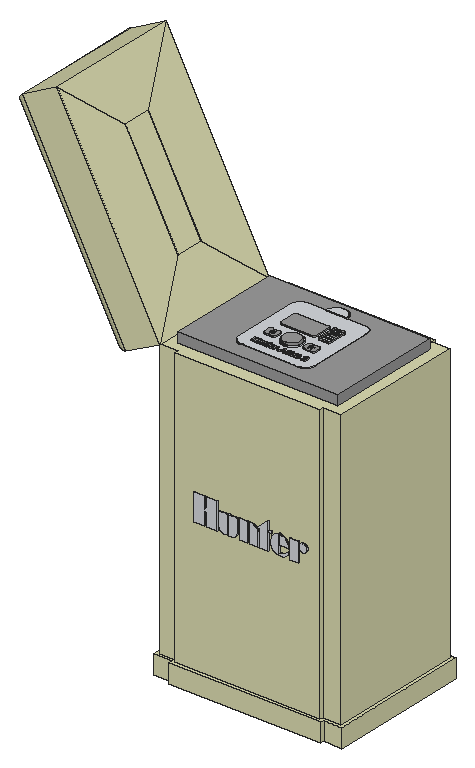
Revit family "HUNTER_A2C-1200 Plastic Pedestal", category Electrical Equipment, Revit 2017
Family settings
  Panel Configuration = One Column
  Round Connector Dimension = Use Diameter
  Part Type = Panelboard
  OmniClass Number = 23.35.25.21
  Work Plane-Based = Yes
  Always vertical = Yes
  Cut with Voids When Loaded = No
  Shared = Yes
  Room Calculation Point = No
Parameters (values of type "A2C-1200-PP")
  Up [instance] = yes
  Type Image = <None>
  Transformer Output = "24VAC, 4.0A"  # constant formula
  Stations = "12 Stations base count expandable to 54 Stations"
  Sensor Input = "3 Clik, 3 Flow (expandable to 6), 1 Solar Sync"  # constant formula
  Pump/Master Valve Contacts = "3, expandable to 6, 0.8A"  # constant formula
  Protection Rating = "IP24"
  Power Factor = 1
  Power = Input Voltage * Current  # 122.4 VA
  Pedestal_Width = 610 mm
  Voltage = ""
  URL = "https://www.hunterindustries.com/irrigation-product/controllers/acc2"
  Type Comments = "Hunter's Flagship Controller"
  Pedestal_Height = 990 mm
  Pedestal_Depth = 430 mm
  Pedestal Material = Hunter® Plastic
  Panel Type = "Modular"
  Panel Name [instance] = "A2C-PP"
  Output Voltage = 24 V
  Number of Sensor Inputs = "3-6 Dedicated Flow Input"
  built-in parameter 1140081 [instance] = "Pedestal"
  Model = "A2C-1200-PP / A2C-1800-PP / A2C-2400-PP / A2C-3000-PP / A2C-3600-PP / A2C-4200-PP / A2C-4800-PP / A2C-5400-PP"
  Manufacturer = "Hunter® Industries"
  Keynote = "328423.04"
  Input Voltage = 120 V
  Expansion Module = "A2M-600 (6 Stations plug-in) Expansion Module , A2C-F3 (3 input flow meter) expansion module"
  built-in parameter 1140083 [instance] = "Hunter® Plastic"
  Down [instance] = no
  Description = "12-Station base unit , Pedestal mounted controller, expandable to 54 stations, with Plastic pedestal"
  Default Elevation = 1219.2 mm
  Decoders = "Expandable Up to 225 with Decoders"
  Current = if(Input Voltage = 120 V, 1.02 A, 0.62 A)  # 1.02 A
  Assembly Code = "D5090900"
Reference planes
  plane 1 "Center (Front/Back)": y = 0
  plane 2: z = 0
  plane 3 "Center (Left/Right)": x = 0
  plane 4: through (-232.937, -1524, 1007.151) normal (-0.8829, 0, -0.4695)
  plane 5: z = 736.593
Forms (mm)
  Sweep 1, solid, material "Hunter® Plastic"
    path origin (0, 0, 0) x (1, 0, 0) y (0, 1, 0)
      loop
        line (130.5, -67) -> (130.5, 67) -> (80.5, 67) -> (80.5, 77) -> (-79.5, 77) -> (-79.5, 67) -> (-129.5, 67) -> (-129.5, -67) -> (-79.5, -67) -> (-79.5, -77) -> (80.5, -77) -> (80.5, -67) -> (130.5, -67)
    profile origin (130.5, 0, 0) x (-1, 0, 0) y (0, 0, 1)
      loop
        line (-5, 0) -> (-5, 827.151) -> (-123.437, 827.151) -> (-123.437, 52.296) -> (-132.54, 52.296) -> (-132.54, 0) -> (-5, 0)
  Extrusion 2, solid
    sketch origin (-191.736, -200.437, 85.088) x (1, 0, 0) y (0, 0, 1)
      loop
        line (44.776, 338.73) -> (74.023, 338.73) -> (74.023, 375.938) -> (80.544, 375.938) -> (80.544, 338.73) -> (109.816, 338.73) -> (109.816, 414.279) -> (80.544, 414.279) -> (80.544, 383.446) -> (74.023, 383.446) -> (74.023, 414.279) -> (44.776, 414.279) -> (44.776, 338.73)
      loop
        arc (115.008, 354.351) -> (120.37, 343.277) -> (131.826, 338.79) r 16.869
        line (131.826, 338.79) -> (138.414, 338.79) -> (138.414, 392.753) -> (115.008, 392.753) -> (115.008, 354.351)
      loop
        arc (150.087, 338.79) -> (161.53, 343.279) -> (166.869, 354.351) r 16.83
        line (166.869, 354.351) -> (166.869, 392.753) -> (143.437, 392.753) -> (143.437, 338.79) -> (150.087, 338.79)
      loop
        line (171.725, 338.798) -> (195.131, 338.798) -> (195.131, 392.956) -> (171.725, 392.956) -> (171.725, 338.798)
      loop
        arc (223.945, 377.003) -> (218.296, 388.229) -> (206.57, 392.753) r 17.459
        line (206.57, 392.753) -> (200.091, 392.753) -> (200.091, 338.79) -> (223.945, 338.79) -> (223.945, 377.003)
      loop
        line (229.427, 338.79) -> (252.092, 338.79) -> (252.092, 386.386) -> (261.45, 386.386) -> (261.45, 392.163) -> (252.092, 392.163) -> (252.092, 414.203) -> (221.119, 386.386) -> (229.427, 386.386) -> (229.427, 338.79)
      loop
        arc (310.801, 365.601) -> (303.11, 383.888) -> (285.751, 393.494) r 30.293
        line (285.751, 393.494) -> (285.751, 365.601) -> (310.801, 365.601)
      loop
        arc (281.903, 393.8) -> (259.807, 366.614) -> (280.701, 338.494) r 28.542
        arc (280.701, 338.494) -> (296.647, 340.511) -> (310.024, 349.423) r 35.111
        line (310.024, 349.423) -> (310.024, 356.56)
        arc (310.024, 356.56) -> (297.034, 348.129) -> (281.902, 344.833) r 43.098
        line (281.902, 344.833) -> (281.903, 393.8)
      loop
        line (314.04, 338.798) -> (337.241, 338.798) -> (337.241, 392.956) -> (314.04, 392.956) -> (314.04, 338.798)
      loop
        circle (350.019, 380.796) r 11.492
    from 0 to 2
  Extrusion 3, solid, material "Hunter® Plastic"
    sketch origin (0, 0, 0) x (1, 0, 0) y (0, 1, 0)
      loop
        line (-134.5, 72) -> (-134.5, -72) -> (135.5, -72) -> (135.5, 72) -> (-134.5, 72)
    from 0 to 827.151
  Sweep 4, solid, material "Hunter® Plastic"
    path origin (-261.018, -1489.546, 1059.962) x (0.469472, 0, -0.882948) y (0, -1, 0)
      loop
        line (210, -1299.063) -> (-405, -1299.063) -> (-405, -1679.963) -> (210, -1679.963) -> (210, -1299.063)
    profile origin (-162.428, -0.034, 874.543) x (0.469472, 0, -0.882948) y (-0.882948, 0, -0.469472)
      loop
        line (-9.532, 101.285) -> (0, 101.245) -> (-0.445, 207.99)
        arc (-0.445, 207.99) -> (-9.788, 230.283) -> (-32.157, 239.439) r 31.581
        arc (-32.157, 239.439) -> (-91.246, 244.306) -> (-150.445, 247.59) r 2216.443
        line (-150.445, 247.59) -> (-150.445, 101.872) -> (-9.532, 101.285)
  Extrusion 5, solid, material "Hunter® Plastic"
    sketch origin (-169.559, -1586.26, 887.953) x (0.469472, 0, -0.882948) y (0, -1, 0)
      loop
        line (-449.368, -1546.221) -> (-449.368, -1626.231) -> (-135.257, -1626.231) -> (-135.257, -1546.221) -> (-449.368, -1546.221)
    from 101.872 to 251.075
  Extrusion 6, void
    sketch origin (0, 0, 0) x (1, 0, 0) y (0, 1, 0)
      loop
        line (-200.024, 180.437) -> (-200.024, -180.437) -> (194.363, -180.437) -> (194.363, 180.437) -> (-200.024, 180.437)
    from 52.296 to 806.887
  Extrusion 7, solid
    sketch origin (0, 0, 0) x (1, 0, 0) y (0, 1, 0)
      loop
        circle (-152, 0) r 12.5
      loop
        circle (-102, 0) r 12.5
      loop
        circle (-52, 0) r 12.5
      loop
        circle (48, 0) r 25
      loop
        circle (148, 0) r 25
    from -30.64 to 52.296
Cuts and joins
  Extrusion 6 cuts Sweep 1
  Extrusion 6 cuts Extrusion 3
Dimensions and locks
  aligned and locked: level to plane 2
  aligned and locked: Extrusion 3 sketch curve to Sweep 1  (x4)
  aligned and locked: Sweep 1 to Extrusion 3
  aligned and locked: plane 1 "Center (Front/Back)" to nested 1
  aligned and locked: plane 3 "Center (Left/Right)" to nested 1
Nested families
  nested 1: "HUNTER_A2C-1200-P" at (0, 0, 736.593), type "A2C-1200-P"
    with built-in parameter 1140081 "Wall", Max #1 Pole Breakers 0
  nested 2: "HUNTER ACC SYMBOL" at (0, 0, 0), visible <- "Up", type "SYMBOL"
  nested 3: "HUNTER ACC SYMBOL" at (0, 90, 0), visible <- "Down", type "SYMBOL"
Connectors
  cabletrayconduit at (-152, 0, -30.64), diameter 25
    settings: on Extrusion 7, index 2, connector width 300 mm, connector height 300 mm, connector angle 0.00°, system type 32, placement type 0, profile type 0, connector reference index -1, is primary connector yes, connector utility param no, connector description ""
  cabletrayconduit at (-102, 0, -30.64), diameter 25
    settings: on Extrusion 7, index 3, connector width 300 mm, connector height 300 mm, connector angle 0.00°, system type 32, placement type 0, profile type 0, connector reference index -1, is primary connector no, connector utility param no, connector description ""
  cabletrayconduit at (-52, 0, -30.64), diameter 25
    settings: on Extrusion 7, index 4, connector width 300 mm, connector height 300 mm, connector angle 0.00°, system type 32, placement type 0, profile type 0, connector reference index -1, is primary connector no, connector utility param no, connector description ""
  cabletrayconduit at (48, 0, -30.64), diameter 50
    settings: on Extrusion 7, index 5, connector width 300 mm, connector height 300 mm, connector angle 0.00°, system type 32, placement type 0, profile type 0, connector reference index -1, is primary connector no, connector utility param no, connector description ""
  cabletrayconduit at (148, 0, -30.64), diameter 50
    settings: on Extrusion 7, index 6, connector width 300 mm, connector height 300 mm, connector angle 0.00°, system type 32, placement type 0, profile type 0, connector reference index -1, is primary connector no, connector utility param no, connector description ""
  electrical at (-152, 0, -30.64), driven by "Output Voltage", driven by "Power", driven by "Power Factor"
    settings: on Extrusion 7, index 7, voltage 24 V, apparent load 122.4 VA, apparent load phase1 0 VA, apparent load phase2 0 VA, apparent load phase3 0 VA, power factor 1, load classification "Power", number of poles 1, system type 30, power factor state 1, is connector primary yes, connector utility no, sub classification motor no, connector description ""
  electrical at (-102, 0, -30.64)
    settings: on Extrusion 7, index 8, voltage 0 V, apparent load 0 VA, apparent load phase1 0 VA, apparent load phase2 0 VA, apparent load phase3 0 VA, power factor 1, load classification "Other", number of poles 1, system type 14, power factor state 1, is connector primary no, connector utility no, sub classification motor no, connector description "Flow1"
  electrical at (-52, 0, -30.64)
    settings: on Extrusion 7, index 9, voltage 0 V, apparent load 0 VA, apparent load phase1 0 VA, apparent load phase2 0 VA, apparent load phase3 0 VA, power factor 1, load classification "Other", number of poles 1, system type 14, power factor state 1, is connector primary no, connector utility no, sub classification motor no, connector description "RC Sensor"
  electrical at (48, 0, -30.64), driven by "Output Voltage"
    settings: on Extrusion 7, index 10, voltage 24 V, apparent load 19.2 VA, apparent load phase1 0 VA, apparent load phase2 0 VA, apparent load phase3 0 VA, power factor 1, load classification "Other", number of poles 1, system type 30, power factor state 1, is connector primary no, connector utility no, sub classification motor no, connector description "P/M1"
  electrical at (148, 0, -30.64), driven by "Output Voltage"
    settings: on Extrusion 7, index 11, voltage 24 V, apparent load 19.2 VA, apparent load phase1 0 VA, apparent load phase2 0 VA, apparent load phase3 0 VA, power factor 1, load classification "Other", number of poles 1, system type 30, power factor state 1, is connector primary no, connector utility no, sub classification motor no, connector description "P/M2"
  electrical at (-102, 0, -30.64)
    settings: on Extrusion 7, index 12, voltage 0 V, apparent load 0 VA, apparent load phase1 0 VA, apparent load phase2 0 VA, apparent load phase3 0 VA, power factor 1, load classification "Other", number of poles 1, system type 14, power factor state 1, is connector primary no, connector utility no, sub classification motor no, connector description "Flow2"
  electrical at (-102, 0, -30.64)
    settings: on Extrusion 7, index 13, voltage 0 V, apparent load 0 VA, apparent load phase1 0 VA, apparent load phase2 0 VA, apparent load phase3 0 VA, power factor 1, load classification "Other", number of poles 1, system type 14, power factor state 1, is connector primary no, connector utility no, sub classification motor no, connector description "Flow3"
  electrical at (148, 0, -30.64), driven by "Output Voltage"
    settings: on Extrusion 7, index 14, voltage 24 V, apparent load 19.2 VA, apparent load phase1 0 VA, apparent load phase2 0 VA, apparent load phase3 0 VA, power factor 1, load classification "Other", number of poles 1, system type 30, power factor state 1, is connector primary no, connector utility no, sub classification motor no, connector description "P/M3"
  electrical at (-102, 0, -30.64)
    settings: on Extrusion 7, index 15, voltage 0 V, apparent load 0 VA, apparent load phase1 0 VA, apparent load phase2 0 VA, apparent load phase3 0 VA, power factor 1, load classification "Other", number of poles 1, system type 14, power factor state 1, is connector primary no, connector utility no, sub classification motor no, connector description "Flow6"
  electrical at (-102, 0, -30.64)
    settings: on Extrusion 7, index 16, voltage 0 V, apparent load 0 VA, apparent load phase1 0 VA, apparent load phase2 0 VA, apparent load phase3 0 VA, power factor 1, load classification "Other", number of poles 1, system type 14, power factor state 1, is connector primary no, connector utility no, sub classification motor no, connector description "Flow5"
  electrical at (-102, 0, -30.64)
    settings: on Extrusion 7, index 17, voltage 0 V, apparent load 0 VA, apparent load phase1 0 VA, apparent load phase2 0 VA, apparent load phase3 0 VA, power factor 1, load classification "Other", number of poles 1, system type 14, power factor state 1, is connector primary no, connector utility no, sub classification motor no, connector description "Flow4"
  electrical at (-52, 0, -30.64)
    settings: on Extrusion 7, index 18, voltage 0 V, apparent load 0 VA, apparent load phase1 0 VA, apparent load phase2 0 VA, apparent load phase3 0 VA, power factor 1, load classification "Other", number of poles 1, system type 14, power factor state 1, is connector primary no, connector utility no, sub classification motor no, connector description "FC Sensor"
  electrical at (-52, 0, -30.64)
    settings: on Extrusion 7, index 19, voltage 0 V, apparent load 0 VA, apparent load phase1 0 VA, apparent load phase2 0 VA, apparent load phase3 0 VA, power factor 1, load classification "Other", number of poles 1, system type 14, power factor state 1, is connector primary no, connector utility no, sub classification motor no, connector description "WC Sensor"
  electrical at (253.937, 0, 439.724)
    settings: on cut or joined group of Sweep 1, Extrusion 6, index 20, voltage 0 V, apparent load 0 VA, apparent load phase1 0 VA, apparent load phase2 0 VA, apparent load phase3 0 VA, power factor 1, load classification "Other", number of poles 1, system type 14, power factor state 1, is connector primary no, connector utility no, sub classification motor no, connector description "Solar Sync"
  electrical at (148, 0, -30.64), driven by "Output Voltage"
    settings: on Extrusion 7, index 22, voltage 24 V, apparent load 19.2 VA, apparent load phase1 0 VA, apparent load phase2 0 VA, apparent load phase3 0 VA, power factor 1, load classification "Other", number of poles 1, system type 30, power factor state 1, is connector primary no, connector utility no, sub classification motor no, connector description "P/M6"
  electrical at (148, 0, -30.64), driven by "Output Voltage"
    settings: on Extrusion 7, index 23, voltage 24 V, apparent load 19.2 VA, apparent load phase1 0 VA, apparent load phase2 0 VA, apparent load phase3 0 VA, power factor 1, load classification "Other", number of poles 1, system type 30, power factor state 1, is connector primary no, connector utility no, sub classification motor no, connector description "P/M5"
  electrical at (148, 0, -30.64), driven by "Output Voltage"
    settings: on Extrusion 7, index 24, voltage 24 V, apparent load 19.2 VA, apparent load phase1 0 VA, apparent load phase2 0 VA, apparent load phase3 0 VA, power factor 1, load classification "Other", number of poles 1, system type 30, power factor state 1, is connector primary no, connector utility no, sub classification motor no, connector description "P/M4"
Definition of nested family "HUNTER_A2C-1200-P"
  Parameters (values of type "A2C-1200-P")
    Width = 412 mm
    Voltage = "120"
    URL = "https://www.hunterindustries.com/irrigation-product/controllers/acc"
    Type Comments = "Hunter's Flagship Controller"
    Output Voltage = 24 V
    Input Voltage = 120 V
    Sensor Inputs = "3 Clik, 3 Flow (expandable to 6), 1 Solar Sync"
    Pump/Master Valve Contacts = "3, expandable to 6, 0.8A"
    Protection Rating = "IP24"
    Power factor = 1
    Power = Rated Current * Input Voltage  # 122.4 VA
    built-in parameter 1140081 [instance] = "Wall"
    Model = "A2C-1200-P"
    Max #1 Pole Breakers [instance] = 0
    Material = none
    Manufacturer = "Hunter® Industries"
    Height = 409 mm
    Description = "12-Station base unit controller, expands to 42 stations, metal cabinet"
    Depth = 166 mm
    Default Elevation = 1200 mm
    Rated Current = if(Input Voltage = 120 V, 1.02 A, 0.62 A)  # 1.02 A
    Controller = none
    Assembly Code = "D5090900"
  Reference planes
    plane 1 "Center (Front/Back)": y = 0
    plane 2: z = 0
    plane 3 "Center (Left/Right)": x = 0
  Forms (mm)
    Extrusion 1, solid
      sketch origin (0, 0, 0) x (1, 0, 0) y (0, 1, 0)
        loop
          line (-1219.2, 1219.2) -> (-1219.2, -1219.2) -> (1219.2, -1219.2) -> (1219.2, 1219.2) -> (-1219.2, 1219.2)
      from 0 to -304.8
    Extrusion 2, solid, material <- "Material"
      sketch origin (0, 0, 166) x (1, 0, 0) y (0, 1, 0)
        loop
          line (220.9, 160.45) -> (-226, 160.45) -> (-226, -160.45) -> (220.9, -160.45) -> (220.9, 160.45)
      from -113.095 to -49.145
    Extrusion 3, solid, material <- "Controller"
      sketch origin (-34.528, -11.343, 116.855) x (1, 0, 0) y (0, 1, 0)
        loop
          line (-45.076, -77.894) -> (-38.531, -77.894) -> (-38.531, -69.571) -> (-37.073, -69.571) -> (-37.073, -77.894) -> (-30.528, -77.894) -> (-30.528, -60.994) -> (-37.073, -60.994) -> (-37.073, -67.893) -> (-38.535, -67.893) -> (-38.535, -60.994) -> (-45.076, -60.994) -> (-45.076, -77.894)
        loop
          line (-29.368, -65.814) -> (-29.368, -74.402)
          arc (-29.368, -74.402) -> (-28.203, -77.009) -> (-25.485, -77.881) r 3.5
          line (-25.485, -77.881) -> (-24.131, -77.881) -> (-24.131, -65.814) -> (-29.368, -65.814)
        loop
          line (-23.004, -77.881) -> (-21.641, -77.881)
          arc (-21.641, -77.881) -> (-18.928, -77.004) -> (-17.767, -74.4) r 3.501
          line (-17.767, -74.4) -> (-17.767, -65.814) -> (-23.004, -65.814) -> (-23.004, -77.881)
        loop
          line (-16.681, -65.767) -> (-16.681, -77.878) -> (-11.446, -77.878) -> (-11.446, -65.767) -> (-16.681, -65.767)
        loop
          line (-10.336, -77.881) -> (-5, -77.881) -> (-5, -69.332)
          arc (-5, -69.332) -> (-6.282, -66.823) -> (-8.913, -65.814) r 3.935
          line (-8.913, -65.814) -> (-10.336, -65.814) -> (-10.336, -77.881)
        loop
          line (-5.633, -67.237) -> (-3.775, -67.237) -> (-3.775, -77.881) -> (1.294, -77.881) -> (1.294, -67.237) -> (3.389, -67.237) -> (3.389, -65.943) -> (1.294, -65.943) -> (1.294, -61.012) -> (-5.633, -67.237)
        loop
          line (7.965, -76.527) -> (7.965, -65.646)
          arc (7.965, -65.646) -> (1.849, -71.762) -> (7.965, -77.879) r 6.116
          arc (7.965, -77.879) -> (11.389, -77.274) -> (14.397, -75.532) r 9.987
          line (14.397, -75.532) -> (14.397, -74.044)
          arc (14.397, -74.044) -> (11.472, -76.039) -> (7.965, -76.527) r 7.764
        loop
          arc (14.397, -71.882) -> (13.09, -67.452) -> (8.824, -65.68) r 5.364
          line (8.824, -65.68) -> (8.824, -71.882) -> (14.397, -71.882)
        loop
          line (15.15, -77.879) -> (20.342, -77.879) -> (20.342, -65.768) -> (15.15, -65.768) -> (15.15, -77.879)
        loop
          circle (23.29, -68.488) r 2.319
        loop
          line (29.184, -77.879) -> (33.921, -77.879) -> (35.162, -75.435) -> (43.756, -75.435) -> (45.074, -77.879) -> (49.791, -77.879) -> (44.98, -69.124) -> (40.348, -69.124) -> (42.171, -72.455) -> (36.747, -72.455) -> (39.416, -67.419) -> (44.041, -67.419) -> (42.19, -64.052) -> (36.671, -64.052) -> (29.184, -77.879)
        loop
          line (51.117, -67.423) -> (58.002, -67.452) -> (62.624, -67.452)
          arc (62.624, -67.452) -> (63.702, -67.669) -> (64.61, -68.287) r 2.777
          line (64.61, -68.287) -> (64.61, -69.113) -> (68.851, -69.113)
          arc (68.851, -69.113) -> (66.822, -65.928) -> (63.637, -63.9) r 8.713
          line (63.637, -63.9) -> (56.341, -63.9)
          arc (56.341, -63.9) -> (53.212, -64.896) -> (51.117, -67.423) r 5.836
        loop
          line (50.993, -69.105) -> (50.993, -73.552)
          arc (50.993, -73.552) -> (53.305, -76.791) -> (57.086, -78.032) r 6.382
          line (57.086, -78.032) -> (63.923, -78.032)
          arc (63.923, -78.032) -> (67.03, -77.056) -> (69.022, -74.479) r 5.437
          line (69.022, -74.479) -> (69.022, -72.57) -> (64.782, -72.57)
          arc (64.782, -72.57) -> (64.726, -73.774) -> (63.748, -74.479) r 1.386
          line (63.748, -74.479) -> (62.299, -74.479) -> (57.774, -74.479)
          arc (57.774, -74.479) -> (56.058, -73.769) -> (55.348, -72.053) r 2.426
          line (55.348, -72.053) -> (55.348, -69.105) -> (50.993, -69.105)
        loop
          line (71.456, -67.423) -> (78.341, -67.452) -> (82.963, -67.452)
          arc (82.963, -67.452) -> (84.04, -67.669) -> (84.949, -68.287) r 2.777
          line (84.949, -68.287) -> (84.949, -69.113) -> (89.189, -69.113)
          arc (89.189, -69.113) -> (87.161, -65.928) -> (83.976, -63.9) r 8.713
          line (83.976, -63.9) -> (76.679, -63.9)
          arc (76.679, -63.9) -> (73.551, -64.896) -> (71.456, -67.423) r 5.836
        loop
          line (71.332, -69.105) -> (71.332, -73.552)
          arc (71.332, -73.552) -> (73.643, -76.791) -> (77.424, -78.032) r 6.382
          line (77.424, -78.032) -> (84.261, -78.032)
          arc (84.261, -78.032) -> (87.369, -77.056) -> (89.361, -74.479) r 5.437
          line (89.361, -74.479) -> (89.361, -72.57) -> (85.121, -72.57)
          arc (85.121, -72.57) -> (85.065, -73.774) -> (84.087, -74.479) r 1.386
          line (84.087, -74.479) -> (82.638, -74.479) -> (78.112, -74.479)
          arc (78.112, -74.479) -> (76.397, -73.769) -> (75.686, -72.053) r 2.426
          line (75.686, -72.053) -> (75.686, -69.105) -> (71.332, -69.105)
        loop
          spline (96.394, -66.778) -> (98.436, -65.434) -> (99.863, -64.872) -> (100.805, -64.885) -> (101.391, -65.268) -> (101.753, -65.814) -> (101.968, -66.381) -> (101.963, -67.025) -> (101.636, -67.832) -> (100.885, -68.891) -> (99.61, -70.29) -> (97.709, -72.117) -> (95.08, -74.46)
          line (95.08, -74.46) -> (95.08, -77.796) -> (107.201, -77.796) -> (107.201, -74.084) -> (101.657, -74.084)
          spline (101.657, -74.084) -> (104.307, -71.114) -> (105.915, -68.623) -> (106.652, -66.558) -> (106.688, -64.868) -> (106.194, -63.501) -> (105.34, -62.403) -> (104.291, -61.526) -> (103.098, -60.888) -> (101.675, -60.59) -> (99.927, -60.737) -> (97.76, -61.434) -> (95.08, -62.786)
          line (95.08, -62.786) -> (96.394, -66.778)
      from 0 to 2
    Extrusion 4, solid
      sketch origin (-10, -26.568, 116.855) x (1, 0, 0) y (0, 1, 0)
        loop
          line (86.812, 143.135) -> (35.906, 143.135)
          arc (35.906, 143.135) -> (5.906, 173.135) -> (-24.094, 143.135) r 30
          line (-24.094, 143.135) -> (-75, 143.135)
          arc (-75, 143.135) -> (-92.678, 135.813) -> (-100, 118.135) r 25
          line (-100, 118.135) -> (-100, -65)
          arc (-100, -65) -> (-92.678, -82.678) -> (-75, -90) r 25
          line (-75, -90) -> (86.812, -90)
          arc (86.812, -90) -> (104.49, -82.678) -> (111.812, -65) r 25
          line (111.812, -65) -> (111.812, 118.135)
          arc (111.812, 118.135) -> (104.49, 135.813) -> (86.812, 143.135) r 25
      from 0 to 1
    Extrusion 5, solid
      sketch origin (-39.299, 7.21, 116.855) x (1, 0, 0) y (0, 1, 0)
        loop
          circle (33.505, -42.64) r 27.961
      from 0 to 3
    Extrusion 6, void
      sketch origin (-39.299, 7.21, 116.855) x (0, 1, 0) y (1, 0, 0)
        loop
          circle (-42.64, 33.505) r 25.523
      from -10 to 0
    Extrusion 7, solid, material <- "Controller"
      sketch origin (-33.549, 44.851, 116.855) x (1, 0, 0) y (0, 1, 0)
        loop
          circle (27.755, -80.282) r 23.523
      from 0 to 8
    Extrusion 8, solid, material <- "Controller"
      sketch origin (-29.891, -32.058, 116.855) x (1, 0, 0) y (0, 1, 0)
        loop
          line (45.158, 95.853) -> (-38.508, 95.853)
          arc (-38.508, 95.853) -> (-43.863, 93.635) -> (-46.081, 88.28) r 7.573
          line (-46.081, 88.28) -> (-46.081, 46.079)
          arc (-46.081, 46.079) -> (-43.789, 40.546) -> (-38.255, 38.254) r 7.826
          line (-38.255, 38.254) -> (48.266, 38.254)
          arc (48.266, 38.254) -> (51.801, 39.718) -> (53.266, 43.254) r 5
          line (53.266, 43.254) -> (53.266, 87.745)
          arc (53.266, 87.745) -> (50.891, 93.478) -> (45.158, 95.853) r 8.108
        loop
          line (87.177, 97.747) -> (69.164, 97.747)
          arc (69.164, 97.747) -> (63.809, 95.529) -> (61.591, 90.174) r 7.573
          line (61.591, 90.174) -> (61.591, 44.185)
          arc (61.591, 44.185) -> (63.883, 38.651) -> (69.417, 36.359) r 7.826
          line (69.417, 36.359) -> (90.284, 36.359)
          arc (90.284, 36.359) -> (93.82, 37.824) -> (95.284, 41.359) r 5
          line (95.284, 41.359) -> (95.284, 89.639)
          arc (95.284, 89.639) -> (92.91, 95.372) -> (87.177, 97.747) r 8.108
        loop
          line (64.617, 80.672) -> (92.068, 80.672) -> (92.068, 92.115) -> (64.617, 92.115) -> (64.617, 80.672)
        loop
          line (64.617, 67.236) -> (92.068, 67.236) -> (92.068, 78.678) -> (64.617, 78.678) -> (64.617, 67.236)
        loop
          line (64.617, 53.799) -> (92.068, 53.799) -> (92.068, 65.242) -> (64.617, 65.242) -> (64.617, 53.799)
        loop
          line (64.617, 40.363) -> (92.068, 40.363) -> (92.068, 51.805) -> (64.617, 51.805) -> (64.617, 40.363)
        loop
          line (87.177, 10.451) -> (69.164, 10.451)
          arc (69.164, 10.451) -> (63.809, 8.233) -> (61.591, 2.879) r 7.573
          line (61.591, 2.879) -> (61.591, -8.907)
          arc (61.591, -8.907) -> (63.883, -14.441) -> (69.417, -16.733) r 7.826
          line (69.417, -16.733) -> (90.284, -16.733)
          arc (90.284, -16.733) -> (93.82, -15.268) -> (95.284, -11.733) r 5
          line (95.284, -11.733) -> (95.284, 2.344)
          arc (95.284, 2.344) -> (92.91, 8.077) -> (87.177, 10.451) r 8.108
        loop
          line (72.718, -9.207) -> (76.547, -9.207) -> (76.547, -3.464) -> (80.375, -3.464) -> (80.375, -9.207) -> (84.177, -9.207) -> (84.177, -2.839) -> (78.677, 1.34) -> (72.718, -2.832) -> (72.718, -9.207)
        loop
          line (71.466, -2.979) -> (78.537, 2.278) -> (85.456, -2.979) -> (85.456, -1.644) -> (78.419, 3.703) -> (75.882, 1.761) -> (75.882, 2.891) -> (73.383, 2.891) -> (73.383, -0.118) -> (71.466, -1.354) -> (71.466, -2.979)
        loop
          line (-22.823, 10.451) -> (-40.836, 10.451)
          arc (-40.836, 10.451) -> (-46.191, 8.233) -> (-48.409, 2.879) r 7.573
          line (-48.409, 2.879) -> (-48.409, -8.907)
          arc (-48.409, -8.907) -> (-46.117, -14.441) -> (-40.583, -16.733) r 7.826
          line (-40.583, -16.733) -> (-19.716, -16.733)
          arc (-19.716, -16.733) -> (-16.18, -15.268) -> (-14.716, -11.733) r 5
          line (-14.716, -11.733) -> (-14.716, 2.344)
          arc (-14.716, 2.344) -> (-17.09, 8.077) -> (-22.823, 10.451) r 8.108
        loop
          line (-29.534, -6.07) -> (-35.153, -6.07) -> (-35.153, -8.373) -> (-29.534, -8.373) -> (-28.695, -8.301) -> (-27.862, -8.089) -> (-27.067, -7.743) -> (-26.336, -7.273) -> (-25.699, -6.692) -> (-25.17, -6.012) -> (-24.76, -5.254) -> (-24.476, -4.433) -> (-24.33, -3.583) -> (-24.33, -2.719) -> (-24.476, -1.868) -> (-24.76, -1.048) -> (-25.17, -0.289) -> (-25.699, 0.391) -> (-26.336, 0.971) -> (-27.067, 1.442) -> (-27.862, 1.788) -> (-28.696, 2) -> (-29.534, 2.072) -> (-33.239, 2.072) -> (-33.239, 4.143) -> (-35.843, 2.387) -> (-38.339, 0.877) -> (-35.817, -0.59) -> (-33.239, -2.238) -> (-33.239, -0.231) -> (-29.534, -0.231)
          arc (-29.534, -0.231) -> (-26.615, -3.151) -> (-29.534, -6.07) r 2.92
      from 0 to 3
    Extrusion 9, solid
      sketch origin (0, 0, 116.855) x (1, 0, 0) y (0, 1, 0)
        loop
          arc (23.906, 116.568) -> (-4.094, 144.568) -> (-32.094, 116.568) r 28
          line (-32.094, 116.568) -> (23.906, 116.568)
      from 0 to 2
  Cuts and joins
    Extrusion 6 cuts Extrusion 2
    Extrusion 6 cuts Extrusion 4
    Extrusion 6 cuts Extrusion 5
  Dimensions and locks
    aligned and locked: plane 2 to Extrusion 1
    aligned and locked: level to Extrusion 1
Definition of nested family "HUNTER ACC SYMBOL"
  Parameters (values of type "SYMBOL")
    ACC2-DECODER = no
    ACC2 = yes
    ACC-99D = no
    ACC = no
  Reference planes
    plane 1 "Center (Front/Back)": y = 0
    plane 2: z = 0
    plane 3 "Center (Left/Right)": x = 0
  Lines and regions (mm)
    detail lines, in view "Ref. Level"
      curve 1: line (155.885, -90, 0) -> (0, 180, 0)
      curve 2: line (0, 180, 0) -> (-155.885, -90, 0)
      curve 3: line (-155.885, -90, 0) -> (155.885, -90, 0)
